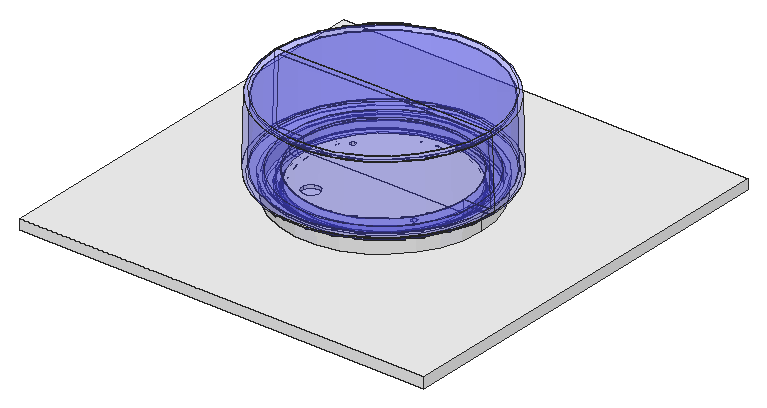
Revit family "BE_12150_de_DE", category Leuchten, Revit 2015
Parameters (values of type "BEGA_12150_K4")
  built-in parameter 1150104 = 15.302 (stored number, unit not read)
  Wattage = 6.8 W
  Default Elevation = 0 mm
  built-in parameter 1150113 = 1 (stored number, unit not read)
  built-in parameter 1114218 = 1 (stored number, unit not read)
  Umgebungstemperatur = ""
  URL = "http://www.bega.de/produkt/12150"
  Typenkommentare = "© 2017 BEGA. Wir behalten uns das Recht vor, technische Änderungen ohne vorherige Ankündigung vorzunehmen."  # constant formula
  built-in parameter 1150134 = 12
  built-in parameter 1150109 = 1 (stored number, unit not read)
  Strom = ""
  built-in parameter 1150110 = 1 (stored number, unit not read)
  Spannung = 239.996 V
  Sonderanfertigung = no
  Seriennummer [instance] = "Hier können Sie die eindeutige Seriennummer für das Facility Management eintragen."
  Schutzklasse = "I"
  Schutzart = "IP 44"
  Scheinlast = 0 VA
  Produktdatenblatt = "http://www.bega.de/download/Xrfa/db/12150.db.de.pdf"
  Oberflächentemperatur = ""
  Neigungswinkel = 0.00°
  Modell = "12150K4"
  Material_17 = BEGA_Reflektor
  Material_15 = BEGA_Leuchtmedium_matt
  Material_11 = BEGA_Glas_opal
  Material_09 = BEGA_Glas_klar
  Material_06 = BEGA_Oberfläche_Edelstahl_gebürstet
  Material_05 = BEGA_Oberfläche_Aluminium Guss
  Material_03 = BEGA_Oberfläche_Weiss_matt
  Material_02 = BEGA_Oberfläche_Silber_matt
  Material_01 [instance] = BEGA_Oberfläche_Grafit_matt
  M_W = no
  M_G = no
  M_A = no
  Logo = 0
  built-in parameter 1114217 = 1 (stored number, unit not read)
  built-in parameter 1150139 = (empty or 0)
  built-in parameter 1150105 = 233.27 (stored number, unit not read)
  built-in parameter 1150114 = 1 (stored number, unit not read)
  Lumens = 1120.03 lm
  built-in parameter 1150115 = 1 (stored number, unit not read)
  Leuchtenlichtstrom = "820 lm"
  Leuchtenanzahl = ""
  Lebensdauerkriterien = "L70 = 50.000 h"
  Lastklassifizierung = Beleuchtung
  built-in parameter 1150112 = 1 (stored number, unit not read)
  Lampenlichtstrom = "1120 lm"
  Lampe = "LED 6.8 W"
  LED_Modulbezeichnung = "LED-0521/840 "
  Hersteller = "BEGA"  # constant formula
  Halbstreuwinkel = ""
  Gewicht = "1.4 kg"
  Gebrauchslageneinschränkung [instance] = ""
  Frequenz = "50-60 Hz"
  Farbwiedergabeindex = "Ra > 80"
  Farbtemperaturverschiebung bei Dämpfen der Lampe = <Keine Auswahl>
  Farbtemperatur = "4000 K"
  Color Filter = 16777215
  built-in parameter 1150133 = 10 (stored number, unit not read)
  Energieeffizienzklasse = "LED A++ - A"
  built-in parameter 1150137 = (empty or 0)
  built-in parameter 1150132 = (empty or 0)
  ENEC = ""
  Dimmbar [instance] = ""
  Datei für fotometrisches Netz = "BE_12150K4.IES"
  CE_Konformität = "ja"
  Bestellnummer = "12150K4"
  Beschreibung_Sonderanfertigung = "Hier können Sie Informationen zur Sonderanfertigung eintragen."
  Beschreibung = "Decken- und Wandleuchte"
  built-in parameter 1150106 = 2.3327 (stored number, unit not read)
  Befestigungsbohrung = "Ø 5,5 mm"
  Befestigungsabstand = "130 mm"
  Ballwurfsicher = ""
  BEGA_Intern_aus = yes
  BEGA_Intern_an = yes
  BEGA_Intern_Konstruktion = yes
  BEGA_Intern = yes
  BEGA_IES = yes
  BEGA_Dummy = no
  Anschlussleitung = ""
  Anschlussleistung [instance] = "8.5 W"
  Anschlusskasten = ""
  built-in parameter 1150107 = 4000 (stored number, unit not read)
  built-in parameter 1150102 = (empty or 0)
  built-in parameter 1150138 = (empty or 0)
  Aktualisierung = "2017-06-19T04:08:15"
  Abstand_zur_angestrahlten_Fläche [instance] = ""
  AC/DC = "AC"
Types (2, lengths in mm): name | built-in parameter 1150104 | built-in parameter 1150134 | Modell | built-in parameter 1150105 | Lumens | Leuchtenlichtstrom | Lampenlichtstrom | LED_Modulbezeichnung | Farbtemperatur | Datei für fotometrisches Netz | Bestellnummer | built-in parameter 1150106 | built-in parameter 1150107
  BEGA_12150_K4 | 15.302 (stored number, unit not read) | 12 | "12150K4" | 233.27 (stored number, unit not read) | 1120.03 lm | "820 lm" | "1120 lm" | "LED-0521/840 " | "4000 K" | "BE_12150K4.IES" | "12150K4" | 2.3327 (stored number, unit not read) | 4000 (stored number, unit not read)
  BEGA_12150_K3 | 14.824 (stored number, unit not read) | (empty or 0) | "12150" | 86.342 (stored number, unit not read) | 1085.01 lm | "795 lm" | "1085 lm" | "LED-0521/830 " | "3000 K" | "BE_12150.IES" | "12150" | 0.86342 (stored number, unit not read) | 3000 (stored number, unit not read)
Reference planes
  plane 1 "Mitte (Vorne/Hinten)": y = 0
  plane 2: z = 0
  plane 3 "Mitte (Links/Rechts)": x = 0
  plane 4 "Links": x = -109.91
  plane 5 "Rechts": x = 109.91
  plane 6 "Unten": y = -109.9
  plane 7 "Oben": y = 109.9
  plane 8 "Vorne": z = 97.54
  plane 9 "Hinten": z = 0
Forms (mm)
  Extrusion 1, solid, material "BEGA_Platte_Weiss"
    sketch origin (0, -1119.2, 0) x (1, 0, 0) y (0, 1, 0)
      loop
        line (-200, 1319.2) -> (-200, 919.2) -> (200, 919.2) -> (200, 1319.2) -> (-200, 1319.2)
    from 0 to -10
  Extrusion 2, solid, material "BEGA_Dummy_matt", visible <- "BEGA_Dummy"
    sketch origin (77.149, -76.023, 0) x (1, 0, 0) y (0, 1, 0)
      loop
        circle (-77.149, 76.023) r 110
    from 0 to 97.54
Dimensions and locks
  plane 1 "Mitte (Vorne/Hinten)" to Extrusion 1 = 200 mm
  aligned and locked: plane 2 to Extrusion 1
  aligned and locked: level to Extrusion 1
Nested families
  nested 1: "BE_12150" at (0, 0, 0), type "BE_12150"
Connectors
  electrical at (0, 0, 0), driven by "Lastklassifizierung", driven by "Spannung", driven by "Scheinlast"
    settings: index 1, voltage 239.996 V, apparent load 0 VA, apparent load phase1 0 VA, apparent load phase2 0 VA, apparent load phase3 0 VA, power factor 1, load classification "Beleuchtung", number of poles 1, system type 31, power factor state 1, is connector primary yes, connector utility no, sub classification motor no, connector description ""
Definition of nested family "BE_12150"
  Parameters (values of type "BE_12150")
    Default Elevation = 1 mm
    URL = "http://www.bega.de/de/produkt"
    Type Comments = "© 2015 BEGA. Wir behalten uns das Recht vor, technische Änderungen ohne vorherige Ankündigung vorzunehmen. "  # constant formula
    Type Image = (empty or 0)
    Neigungswinkel_um_Z2 = 0.00°
    Neigungswinkel_um_Z1 = 0.00°
    Neigungswinkel_um_Y2 = 0.00°
    Neigungswinkel_um_Y1 = 0.00°
    Neigungswinkel_um_X2 = 0.00°
    Neigungswinkel_um_X1 = 0.00°
    Material_17 = none
    Material_15 = none
    Material_11 = none
    Material_09 = none
    Material_06 = none
    Material_05 = none
    Material_03 = none
    Material_02 = none
    Material_01 = none
    M_W = yes
    M_G = yes
    M_A = yes
    Länge_Platte = 350 mm  # constant formula
    Höhe_Platte = -10 mm  # constant formula
    Manufacturer = "BEGA"  # constant formula
    Drehwinkel_um_Z2 = 0.00°
    Drehwinkel_um_Z1 = 0.00°
    Breite_Platte = 350 mm  # constant formula
  Reference planes
    plane 1 "Mitte (Oben/Unten)": y = 0
    plane 2: z = 0
    plane 3 "Mitte (Links/Rechts)": x = 0
    plane 4: x = -109.91
    plane 5: z = 97.54
    plane 6: x = 109.91
    plane 7: y = -109.9
    plane 8: y = 109.9
  Forms (mm)
    Extrusion 1, solid, detail levels medium
      sketch origin (0, 0, 0) x (1, 0, 0) y (0, 1, 0)
        loop
          line (-175, 175) -> (-175, -175) -> (175, -175) -> (175, 175) -> (-175, 175)
      from 0 to -10 <- "Höhe_Platte"
    Revolve 2, solid, material <- "Material_03", detail levels medium+fine
      sketch origin (0, 0, 0) x (1, 0, 0) y (0, 0, 1)
        loop
          line (-98.25, 22.5) -> (-98.25, 20.5) -> (-97.082, 20.5) -> (-96.54, 5) -> (-78.827, 5)
          arc (-78.827, 5) -> (-76.742, 5.843) -> (-75.829, 7.899) r 3
          line (-75.829, 7.899) -> (-75.787, 9.101)
          arc (-75.787, 9.101) -> (-74.874, 11.157) -> (-72.789, 12) r 3
          line (-72.789, 12) -> (0, 12) -> (0, 14.5) -> (-78, 14.5) -> (-78.194, 8.947)
          arc (-78.194, 8.947) -> (-78.651, 7.921) -> (-79.693, 7.5) r 1.5
          line (-79.693, 7.5) -> (-92.778, 7.5)
          arc (-92.778, 7.5) -> (-93.82, 7.922) -> (-94.277, 8.95) r 1.5
          line (-94.277, 8.95) -> (-94.75, 22.5) -> (-98.25, 22.5)
        axis (0, 5) -> (0, 22.5)
      angle from 0 to 360
    Revolve 3, solid, material <- "Material_03", detail levels medium+fine
      sketch origin (0, 85, 0) x (-1, 0, 0) y (0, 0, 1)
        loop
          line (-2.811, 4.164) -> (-2.468, 2.099)
          arc (-2.468, 2.099) -> (-1.62, 0.596) -> (0, 0) r 2.5
          line (0, 0) -> (0, 6.055) -> (-3.797, 6.055) -> (-3.797, 5)
          arc (-3.797, 5) -> (-3.151, 4.763) -> (-2.811, 4.164) r 1
        axis (0, 6.055) -> (0, 0)
      angle from 0 to 360
    Revolve 4, solid, material <- "Material_03", detail levels medium+fine
      sketch origin (73.612, -42.5, 0) x (0.5, 0.866025, 0) y (0, 0, 1)
        loop
          line (-2.811, 4.164) -> (-2.468, 2.099)
          arc (-2.468, 2.099) -> (-1.62, 0.596) -> (0, 0) r 2.5
          line (0, 0) -> (0, 6.055) -> (-3.797, 6.055) -> (-3.797, 5)
          arc (-3.797, 5) -> (-3.151, 4.763) -> (-2.811, 4.164) r 1
        axis (0, 6.055) -> (0, 0)
      angle from 0 to 360
    Revolve 5, solid, material <- "Material_03", detail levels medium+fine
      sketch origin (-73.612, -42.5, 0) x (0.5, -0.866025, 0) y (0, 0, 1)
        loop
          line (-2.811, 4.164) -> (-2.468, 2.099)
          arc (-2.468, 2.099) -> (-1.62, 0.596) -> (0, 0) r 2.5
          line (0, 0) -> (0, 6.055) -> (-3.797, 6.055) -> (-3.797, 5)
          arc (-3.797, 5) -> (-3.151, 4.763) -> (-2.811, 4.164) r 1
        axis (0, 6.055) -> (0, 0)
      angle from 0 to 360
    Extrusion 6, void
      sketch origin (0, 0, 0) x (1, 0, 0) y (0, 1, 0)
        loop
          circle (-36, -45) r 8.475
        loop
          circle (-56.292, 32.5) r 2.75
        loop
          circle (56.292, -32.5) r 2.75
      from 3 to 15.824
    Revolve 7, solid, material <- "Material_11", detail levels medium+fine
      sketch origin (0, 0, 0) x (1, 0, 0) y (0, 0, 1)
        loop
          arc (-80, 10.04) -> (-79.293, 10.333) -> (-79, 11.04) r 1
          line (-79, 11.04) -> (-79, 26.04)
          arc (-79, 26.04) -> (-79.293, 26.747) -> (-80, 27.04) r 1
          line (-80, 27.04) -> (-92.436, 27.04) -> (-104.384, 27.381)
          arc (-104.384, 27.381) -> (-105.083, 27.692) -> (-105.358, 28.407) r 1
          line (-105.358, 28.407) -> (-103.726, 90.716)
          arc (-103.726, 90.716) -> (-103.432, 91.393) -> (-102.753, 91.683) r 1
          arc (-102.753, 91.683) -> (-51.381, 92.701) -> (0, 93.04) r 3890.638
          line (0, 93.04) -> (0, 97.54)
          arc (0, 97.54) -> (-52.388, 97.188) -> (-104.767, 96.131) r 3895.139
          arc (-104.767, 96.131) -> (-107.149, 95.106) -> (-108.175, 92.724) r 3.5
          line (-108.175, 92.724) -> (-109.908, 26.543)
          arc (-109.908, 26.543) -> (-108.957, 24.038) -> (-106.512, 22.94) r 3.5
          line (-106.512, 22.94) -> (-92.5, 22.54) -> (-83.5, 22.54) -> (-83.5, 15.54)
          arc (-83.5, 15.54) -> (-83.793, 14.833) -> (-84.5, 14.54) r 1
          arc (-84.5, 14.54) -> (-85.207, 14.247) -> (-85.5, 13.54) r 1
          line (-85.5, 13.54) -> (-85.5, 9.54) -> (-81, 9.54)
          arc (-81, 9.54) -> (-80.634, 9.906) -> (-80.134, 10.04) r 1
        axis (0, 97.54) -> (0, 9.54)
      angle from 0 to 360
  Cuts and joins
    Extrusion 6 cuts Revolve 2
    Extrusion 6 cuts Revolve 3
    Extrusion 6 cuts Revolve 4
    Extrusion 6 cuts Revolve 5
    joined: Revolve 2, Revolve 3, Revolve 4, Revolve 5
  Dimensions and locks
    equal spacing: Extrusion 1 sketch curve, plane 3 "Mitte (Links/Rechts)", Extrusion 1 sketch curve
    equal spacing: Extrusion 1 sketch curve, plane 1 "Mitte (Oben/Unten)", Extrusion 1 sketch curve
    "Länge_Platte": Extrusion 1 sketch curve to Extrusion 1 sketch curve
    "Breite_Platte": Extrusion 1 sketch curve to Extrusion 1 sketch curve
    aligned and locked: plane 2 to Extrusion 1
    aligned and locked: level to Extrusion 1
  Automatic sketch dimensions
    Revolve 2 sketch curve to plane 3 "Mitte (Links/Rechts)" = 0 mm  (x2)
    level to Revolve 2 sketch curve = 9 mm
    Revolve 2 sketch curve to plane 3 "Mitte (Links/Rechts)" = 72.789 mm
    level to Revolve 2 sketch curve = 9.101 mm
    Revolve 2 sketch curve to Revolve 2 sketch curve = 2.998 mm
    level to Revolve 2 sketch curve = 7.899 mm
    Revolve 2 sketch curve to Revolve 2 sketch curve = 0.042 mm
    level to Revolve 2 sketch curve = 14.5 mm
    Revolve 2 sketch curve to Revolve 2 sketch curve = 2.213 mm
    Revolve 2 sketch curve to Revolve 2 sketch curve = 2.407 mm
    Revolve 2 sketch curve to Revolve 2 sketch curve = 0.633 mm
    Revolve 2 sketch curve to Revolve 2 sketch curve = 0.866 mm  (x2)
    Revolve 2 sketch curve to Revolve 2 sketch curve = 13.085 mm
    level to Revolve 2 sketch curve = 8.95 mm
    Revolve 2 sketch curve to Revolve 2 sketch curve = 1.499 mm
    Revolve 2 sketch curve to Revolve 2 sketch curve = 0.473 mm
    Revolve 2 sketch curve to Revolve 2 sketch curve = 2.332 mm
    Revolve 2 sketch curve to Revolve 2 sketch curve = 1.168 mm
    Revolve 2 sketch curve to Revolve 2 sketch curve = 0.947 mm
    Revolve 2 sketch curve to Revolve 2 sketch curve = 1 mm
    Revolve 2 sketch curve to Revolve 2 sketch curve = 0.05 mm
    Revolve 2 sketch curve to Revolve 2 sketch curve = 2.5 mm
    Revolve 2 sketch curve to Revolve 2 sketch curve = 11.55 mm
    Revolve 2 sketch curve to Revolve 2 sketch curve = 2 mm
    Revolve 2 sketch curve to Revolve 2 sketch curve = 0 mm  (x10)
    Revolve 2 sketch curve to Revolve 2 sketch curve = 3.763 mm
    level to Revolve 2 sketch curve = 5 mm
    Revolve 2 sketch curve to Revolve 2 sketch curve = 5.135 mm
    Extrusion 6 sketch curve to plane 3 "Mitte (Links/Rechts)" = 36 mm
    plane 1 "Mitte (Oben/Unten)" to Extrusion 6 sketch curve = 45 mm
    Revolve 7 sketch curve to plane 3 "Mitte (Links/Rechts)" = 0 mm  (x3)
    Revolve 7 sketch curve to Revolve 7 sketch curve = 0.003 mm  (x2)
    level to Revolve 7 sketch curve = 11.04 mm
    Revolve 7 sketch curve to plane 3 "Mitte (Links/Rechts)" = 79 mm
    Revolve 7 sketch curve to Revolve 7 sketch curve = 1 mm  (x7)
    Revolve 7 sketch curve to Revolve 7 sketch curve = 0.134 mm  (x2)
    Revolve 7 sketch curve to Revolve 7 sketch curve = 0.866 mm
    Revolve 7 sketch curve to Revolve 7 sketch curve = 3.5 mm  (x2)
    Revolve 7 sketch curve to Revolve 7 sketch curve = 8.936 mm
    Revolve 7 sketch curve to Revolve 7 sketch curve = 0.064 mm
    Revolve 7 sketch curve to Revolve 7 sketch curve = 10.291 mm
    Revolve 7 sketch curve to Revolve 7 sketch curve = 0.999 mm
    Revolve 7 sketch curve to Revolve 7 sketch curve = 11.923 mm
    level to Revolve 7 sketch curve = 27.381 mm
    Revolve 7 sketch curve to Revolve 7 sketch curve = 0.025 mm
    Revolve 7 sketch curve to Revolve 7 sketch curve = 0.947 mm
    Revolve 7 sketch curve to Revolve 7 sketch curve = 2.026 mm
    level to Revolve 7 sketch curve = 22.94 mm
    Revolve 7 sketch curve to Revolve 7 sketch curve = 0.102 mm
    level to Revolve 7 sketch curve = 26.543 mm
    Revolve 7 sketch curve to Revolve 7 sketch curve = 3.498 mm
    Revolve 7 sketch curve to Revolve 7 sketch curve = 0.5 mm  (x2)
    Revolve 7 sketch curve to level = 3797.598 mm
    Revolve 7 sketch curve to Revolve 7 sketch curve = 0.001 mm
    Revolve 7 sketch curve to Revolve 7 sketch curve = 4 mm
    Revolve 7 sketch curve to Revolve 7 sketch curve = 7 mm
    Revolve 7 sketch curve to Revolve 7 sketch curve = 62.302 mm
    Revolve 7 sketch curve to Revolve 7 sketch curve = 0.033 mm
    Revolve 7 sketch curve to Revolve 7 sketch curve = 1.916 mm
    level to Revolve 7 sketch curve = 93.04 mm
    Revolve 7 sketch curve to Revolve 7 sketch curve = 4.5 mm
    Revolve 7 sketch curve to Revolve 7 sketch curve = 0 mm  (x8)
    level to Revolve 7 sketch curve = 28.407 mm
    Revolve 7 sketch curve to Revolve 7 sketch curve = 3.499 mm
    Revolve 7 sketch curve to Revolve 7 sketch curve = 10.5 mm
    Revolve 3 sketch curve to level = 0 mm  (x2)
    Revolve 3 sketch curve to plane 3 "Mitte (Links/Rechts)" = 0 mm  (x2)
    plane 3 "Mitte (Links/Rechts)" to Revolve 3 sketch curve = 2.468 mm
    Revolve 3 sketch curve to Revolve 3 sketch curve = 1.33 mm
    Revolve 3 sketch curve to Revolve 3 sketch curve = 0 mm  (x4)
    level to Revolve 3 sketch curve = 2.099 mm
    Revolve 3 sketch curve to Revolve 3 sketch curve = 1.901 mm
    Revolve 3 sketch curve to Revolve 3 sketch curve = 1 mm
    Revolve 3 sketch curve to Revolve 3 sketch curve = 1.055 mm
    Revolve 3 sketch curve to Revolve 3 sketch curve = 0.986 mm
    Revolve 4 sketch curve to level = 0 mm  (x2)
    level to Revolve 4 sketch curve = 6.055 mm
    Revolve 4 sketch curve to Revolve 4 sketch curve = 0 mm  (x4)
    level to Revolve 4 sketch curve = 2.099 mm
    Revolve 4 sketch curve to Revolve 4 sketch curve = 1.33 mm
    Revolve 4 sketch curve to Revolve 4 sketch curve = 2.468 mm
    Revolve 4 sketch curve to Revolve 4 sketch curve = 2.055 mm
    Revolve 4 sketch curve to Revolve 4 sketch curve = 1 mm
    Revolve 4 sketch curve to Revolve 4 sketch curve = 0.986 mm
    level to Revolve 4 sketch curve = 4.164 mm
    Revolve 5 sketch curve to level = 0 mm  (x2)
    level to Revolve 5 sketch curve = 6.055 mm
    Revolve 5 sketch curve to Revolve 5 sketch curve = 0 mm  (x4)
    level to Revolve 5 sketch curve = 2.099 mm
    Revolve 5 sketch curve to Revolve 5 sketch curve = 1.33 mm
    Revolve 5 sketch curve to Revolve 5 sketch curve = 2.468 mm
    Revolve 5 sketch curve to Revolve 5 sketch curve = 2.055 mm
    Revolve 5 sketch curve to Revolve 5 sketch curve = 1 mm
    Revolve 5 sketch curve to Revolve 5 sketch curve = 0.986 mm
    level to Revolve 5 sketch curve = 4.164 mm
    radius of Extrusion 6 sketch curve = 8.475 mm
